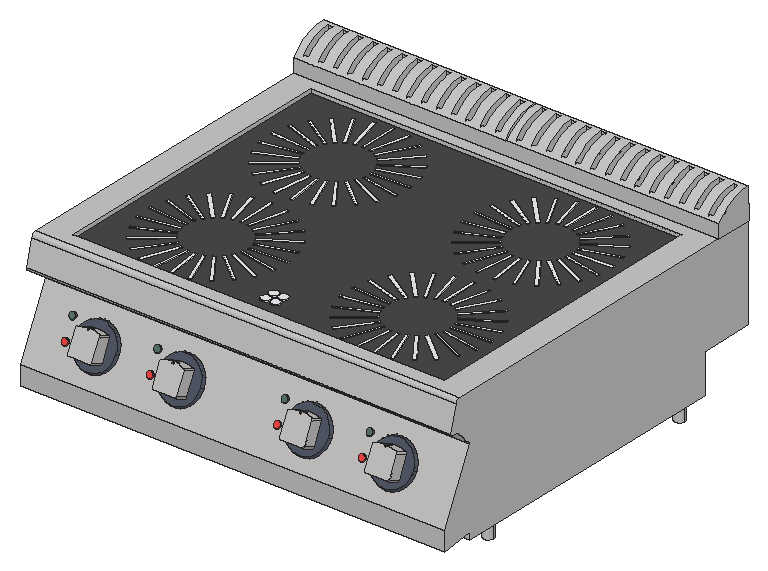
Revit family "QF_ZANUSSI_372021_Z7INEH4000", category Specialty Equipment, Revit 2018
Family settings
  Round Connector Dimension = Use Diameter
  Part Type = Normal
  Work Plane-Based = No
  Always vertical = Yes
  Cut with Voids When Loaded = No
  Shared = No
  Room Calculation Point = No
Parameters
  Width = 800.00 mm  # constant formula
  Weight in Pounds = 88  # constant formula
  Weight = 0.00 kg
  Watts = 14000 W  # constant formula
  Volts = 400 V  # constant formula
  URL Manufacturer = "http://www.zanussiprofessional.com"
  URL Cutsheet = "www.electrolux.com/foodservice"
  URL = "http://www.zanussiprofessional.com"
  Type Mark [instance] = ""
  Steam Supply Size = 0"
  Steam Supply Minimum Pressure = 0.00 psi
  Steam Supply Maximum Pressure = 0.00 psi
  Steam Pounds per Hour = 0
  Status [instance] = ""
  Specification by User [instance] = ""
  Specification by Manufacturer = ""
  Show Logo [instance] = yes
  Show Clearance [instance] = yes
  Serial Number = ""
  Seismic Rating = ""
  SMACNA No = ""
  Revision Code [instance] = ""
  Refrigeration Suction Line Size = 0"
  Refrigeration Liquid Line Size = 0"
  Refrigerant Compressor Remote = yes
  Phase = 3  # constant formula
  Omniclass Number and Title = ""
  Number of Poles [instance] = 1
  NAFEM Spec ID Number = ""
  Model = "Z7INEH4000"
  Min Ckt Ampacity = 0 A
  Max Overcurrent Protection = 0 A
  Masterspec = ""
  Manufacturer = "Zanussi"
  Length Actual = 800.00 mm  # constant formula
  Item Number [instance] = "372021"
  Installed By [instance] = ""
  Identify Quantity as Lot [instance] = yes
  Hot Water Size = 0"
  Height Actual = 250.00 mm  # constant formula
  Height = 332.00 mm  # constant formula
  HP = "18.8 HP"
  Gas Size = 0"
  Gas KW = 0
  Gas Input = 0.0 Btu/h
  Furnished By [instance] = ""
  Foodservice Equipment Identifier [instance] = yes
  FL Amps = if(Phase = 3, Watts / (Volts * 1.73), Watts / Volts)  # 20.2312 A
  Electrical Remarks [instance] = "400 V/3N ph/50/60 Hz"  # constant formula
  Electric Connection Type [instance] = ""
  Elec Conn RI Height [instance] = 0.00 mm
  Elec Conn Connection Height [instance] = 0.00 mm
  Direct Waste Size = 0"
  Description = "ELECTRIC INDUCTION COOKING TOP 800 MM"
  Depth Actual = 700.00 mm  # constant formula
  Depth = 715.00 mm  # constant formula
  Cycle = if([60 Hertz Option], 60 Hz, 50 Hz)  # 60 Hz
  Conn Plug = ""
  Conn Conduit = yes
  Condensate Return Size = 0"
  Compressed Air Volume = 0 GPM
  Compressed Air Size = 0"
  Compressed Air Pressure = 0.00 psi
  Cold Water Size = 0"
  CSI MasterFormat = ""
  CSI Master Format = ""
  Base Height [instance] = 24.00 mm  # constant formula
  Apparent Power = if(Phase = 3, Volts * FL Amps * 1.73, Volts * FL Amps)  # 14000 VA
  Accessory = yes
  60 Hertz Option = not([50 Hertz Option])  # yes
  50 Hertz Option = no
Reference planes
  plane 1 "BACK": y = 0
  plane 2: z = 0
  plane 3 "LEFT": x = 0
  plane 4 "RIGHT": x = 800
  plane 5 "FRONT": y = -715
  plane 6 "TOP": z = 332
  plane 7 "Center Y": x = 400
  plane 8 "Center X": y = -357.5
  plane 9 "BASE": z = 24
  plane 10 "TOP A": z = 274
  plane 11: y = -597.884
  plane 12: y = -147.637
  plane 13: y = -700
  plane 14 "panel": through (-6096, -654.982, 184.602) normal (0, -0.8956, 0.4448)
Forms (mm)
  Extrusion 1, solid, material "QF_Finishes_Stainless Steel"
    sketch origin (0, 0, 0) x (0, 1, 0) y (0, 0, 1)
      loop
        line (0, 98) -> (0, 274) -> (-679.358, 274)
        arc (-679.358, 274) -> (-684.643, 271.811) -> (-686.833, 266.526) r 7.474
        line (-686.833, 266.526) -> (-699.884, 221.011)
        arc (-699.884, 221.011) -> (-699.396, 218.379) -> (-697, 217.184) r 3
        line (-697, 217.184) -> (-686.802, 217.184) -> (-654.982, 185.364) -> (-715, 64.508) -> (-715, 29.508) -> (-658.645, 37.428)
        arc (-658.645, 37.428) -> (-656.101, 36.674) -> (-655, 34.259) r 3.2
        line (-655, 34.259) -> (-655, 24) -> (-103, 24) -> (-103, 98) -> (0, 98)
    from 0 to 800
  Extrusion 2, void
    sketch origin (0, 0, 274) x (-1, 0, 0) y (0, -1, 0)
      loop
        line (-50, 93.262) -> (-50, 653.262) -> (-750, 653.262) -> (-750, 93.262) -> (-50, 93.262)
    from 0 to -6.35
  Extrusion 3, solid, material "QF_Finishes_Stainless Steel"
    sketch origin (0, 0, 0) x (1, 0, 0) y (0, 1, 0)
      loop
        circle (11.112, -147.638) r 9.525
      loop
        circle (11.112, -597.884) r 9.525
      loop
        circle (788.887, -147.638) r 9.525
      loop
        circle (788.887, -597.884) r 9.525
    from 0 to 24
  Extrusion 4, solid, material "QF_Finishes_Stainless Steel"
    sketch origin (20.5, -101.6, 101.788) x (0, 0, -1) y (-1, 0, 0)
      loop
        circle (43.882, -736.5) r 12.7
    from -1.4 to 12.7
  Extrusion 5, solid, material "QF_Finishes_Clearance", visible <- "Show Clearance", detail levels coarse
    sketch origin (0, 0, 0) x (1, 0, 0) y (0, 1, 0)
      loop
        line (0, -715) -> (0, 0) -> (800, 0) -> (800, -715) -> (950.019, -715) -> (950.019, 150.019) -> (-150.019, 150.019) -> (-150.019, -715) -> (0, -715)
    from 0 to 332
  Extrusion 6, solid, material "QF_Finishes_Stainless Steel"
    sketch origin (0, 0, -1.4) x (0, 1, 0) y (0, 0, 1)
      loop
        line (0, 275.4) -> (0, 334.138)
        arc (0, 334.138) -> (-38.879, 325.754) -> (-69.85, 300.8) r 86.156
        line (-69.85, 300.8) -> (-69.85, 275.4) -> (0, 275.4)
    from 0 to 800.1
  Extrusion 7, void
    sketch origin (0, 0, 273.238) x (-1, 0, 0) y (0, -1, 0)
      loop
        line (-13.453, 6.761) -> (-13.453, 63.911) -> (-22.749, 63.911) -> (-22.749, 6.761) -> (-13.453, 6.761)
    from 25.4 to 63.5
  Extrusion 8, void
    sketch origin (361.95, 0, 273.238) x (-1, 0, 0) y (0, -1, 0)
      loop
        line (-13.453, 6.761) -> (-13.453, 63.911) -> (-22.749, 63.911) -> (-22.749, 6.761) -> (-13.453, 6.761)
    from 25.4 to 63.5
  Extrusion 9, void
    sketch origin (27.842, 0, 273.238) x (-1, 0, 0) y (0, -1, 0)
      loop
        line (-13.453, 6.761) -> (-13.453, 63.911) -> (-22.749, 63.911) -> (-22.749, 6.761) -> (-13.453, 6.761)
    from 25.4 to 63.5
  Extrusion 10, void
    sketch origin (55.685, 0, 273.238) x (-1, 0, 0) y (0, -1, 0)
      loop
        line (-13.453, 6.761) -> (-13.453, 63.911) -> (-22.749, 63.911) -> (-22.749, 6.761) -> (-13.453, 6.761)
    from 25.4 to 63.5
  Extrusion 11, void
    sketch origin (83.527, 0, 273.238) x (-1, 0, 0) y (0, -1, 0)
      loop
        line (-13.453, 6.761) -> (-13.453, 63.911) -> (-22.749, 63.911) -> (-22.749, 6.761) -> (-13.453, 6.761)
    from 25.4 to 63.5
  Extrusion 12, void
    sketch origin (111.369, 0, 273.238) x (-1, 0, 0) y (0, -1, 0)
      loop
        line (-13.453, 6.761) -> (-13.453, 63.911) -> (-22.749, 63.911) -> (-22.749, 6.761) -> (-13.453, 6.761)
    from 25.4 to 63.5
  Extrusion 13, void
    sketch origin (139.212, 0, 273.238) x (-1, 0, 0) y (0, -1, 0)
      loop
        line (-13.453, 6.761) -> (-13.453, 63.911) -> (-22.749, 63.911) -> (-22.749, 6.761) -> (-13.453, 6.761)
    from 25.4 to 63.5
  Extrusion 14, void
    sketch origin (167.054, 0, 273.238) x (-1, 0, 0) y (0, -1, 0)
      loop
        line (-13.453, 6.761) -> (-13.453, 63.911) -> (-22.749, 63.911) -> (-22.749, 6.761) -> (-13.453, 6.761)
    from 25.4 to 63.5
  Extrusion 15, void
    sketch origin (194.896, 0, 273.238) x (-1, 0, 0) y (0, -1, 0)
      loop
        line (-13.453, 6.761) -> (-13.453, 63.911) -> (-22.749, 63.911) -> (-22.749, 6.761) -> (-13.453, 6.761)
    from 25.4 to 63.5
  Extrusion 16, void
    sketch origin (222.738, 0, 273.238) x (-1, 0, 0) y (0, -1, 0)
      loop
        line (-13.453, 6.761) -> (-13.453, 63.911) -> (-22.749, 63.911) -> (-22.749, 6.761) -> (-13.453, 6.761)
    from 25.4 to 63.5
  Extrusion 17, void
    sketch origin (250.581, 0, 273.238) x (-1, 0, 0) y (0, -1, 0)
      loop
        line (-13.453, 6.761) -> (-13.453, 63.911) -> (-22.749, 63.911) -> (-22.749, 6.761) -> (-13.453, 6.761)
    from 25.4 to 63.5
  Extrusion 18, void
    sketch origin (278.423, 0, 273.238) x (-1, 0, 0) y (0, -1, 0)
      loop
        line (-13.453, 6.761) -> (-13.453, 63.911) -> (-22.749, 63.911) -> (-22.749, 6.761) -> (-13.453, 6.761)
    from 25.4 to 63.5
  Extrusion 19, void
    sketch origin (306.265, 0, 273.238) x (-1, 0, 0) y (0, -1, 0)
      loop
        line (-13.453, 6.761) -> (-13.453, 63.911) -> (-22.749, 63.911) -> (-22.749, 6.761) -> (-13.453, 6.761)
    from 25.4 to 63.5
  Extrusion 20, void
    sketch origin (334.108, 0, 273.238) x (-1, 0, 0) y (0, -1, 0)
      loop
        line (-13.453, 6.761) -> (-13.453, 63.911) -> (-22.749, 63.911) -> (-22.749, 6.761) -> (-13.453, 6.761)
    from 25.4 to 63.5
  Extrusion 21, void
    sketch origin (800.1, 0, 273.238) x (1, 0, 0) y (0, 1, 0)
      loop
        line (-13.453, -6.761) -> (-22.749, -6.761) -> (-22.749, -63.911) -> (-13.453, -63.911) -> (-13.453, -6.761)
    from 25.4 to 63.5
  Extrusion 22, void
    sketch origin (438.15, 0, 273.238) x (1, 0, 0) y (0, 1, 0)
      loop
        line (-13.453, -6.761) -> (-22.749, -6.761) -> (-22.749, -63.911) -> (-13.453, -63.911) -> (-13.453, -6.761)
    from 25.4 to 63.5
  Extrusion 23, void
    sketch origin (772.258, 0, 273.238) x (1, 0, 0) y (0, 1, 0)
      loop
        line (-13.453, -6.761) -> (-22.749, -6.761) -> (-22.749, -63.911) -> (-13.453, -63.911) -> (-13.453, -6.761)
    from 25.4 to 63.5
  Extrusion 24, void
    sketch origin (744.415, 0, 273.238) x (1, 0, 0) y (0, 1, 0)
      loop
        line (-13.453, -6.761) -> (-22.749, -6.761) -> (-22.749, -63.911) -> (-13.453, -63.911) -> (-13.453, -6.761)
    from 25.4 to 63.5
  Extrusion 25, void
    sketch origin (716.573, 0, 273.238) x (1, 0, 0) y (0, 1, 0)
      loop
        line (-13.453, -6.761) -> (-22.749, -6.761) -> (-22.749, -63.911) -> (-13.453, -63.911) -> (-13.453, -6.761)
    from 25.4 to 63.5
  Extrusion 26, void
    sketch origin (688.731, 0, 273.238) x (1, 0, 0) y (0, 1, 0)
      loop
        line (-13.453, -6.761) -> (-22.749, -6.761) -> (-22.749, -63.911) -> (-13.453, -63.911) -> (-13.453, -6.761)
    from 25.4 to 63.5
  Extrusion 27, void
    sketch origin (660.888, 0, 273.238) x (1, 0, 0) y (0, 1, 0)
      loop
        line (-13.453, -6.761) -> (-22.749, -6.761) -> (-22.749, -63.911) -> (-13.453, -63.911) -> (-13.453, -6.761)
    from 25.4 to 63.5
  Extrusion 28, void
    sketch origin (633.046, 0, 273.238) x (1, 0, 0) y (0, 1, 0)
      loop
        line (-13.453, -6.761) -> (-22.749, -6.761) -> (-22.749, -63.911) -> (-13.453, -63.911) -> (-13.453, -6.761)
    from 25.4 to 63.5
  Extrusion 29, void
    sketch origin (605.204, 0, 273.238) x (1, 0, 0) y (0, 1, 0)
      loop
        line (-13.453, -6.761) -> (-22.749, -6.761) -> (-22.749, -63.911) -> (-13.453, -63.911) -> (-13.453, -6.761)
    from 25.4 to 63.5
  Extrusion 30, void
    sketch origin (577.362, 0, 273.238) x (1, 0, 0) y (0, 1, 0)
      loop
        line (-13.453, -6.761) -> (-22.749, -6.761) -> (-22.749, -63.911) -> (-13.453, -63.911) -> (-13.453, -6.761)
    from 25.4 to 63.5
  Extrusion 31, void
    sketch origin (549.519, 0, 273.238) x (1, 0, 0) y (0, 1, 0)
      loop
        line (-13.453, -6.761) -> (-22.749, -6.761) -> (-22.749, -63.911) -> (-13.453, -63.911) -> (-13.453, -6.761)
    from 25.4 to 63.5
  Extrusion 32, void
    sketch origin (521.677, 0, 273.238) x (1, 0, 0) y (0, 1, 0)
      loop
        line (-13.453, -6.761) -> (-22.749, -6.761) -> (-22.749, -63.911) -> (-13.453, -63.911) -> (-13.453, -6.761)
    from 25.4 to 63.5
  Extrusion 33, void
    sketch origin (493.835, 0, 273.238) x (1, 0, 0) y (0, 1, 0)
      loop
        line (-13.453, -6.761) -> (-22.749, -6.761) -> (-22.749, -63.911) -> (-13.453, -63.911) -> (-13.453, -6.761)
    from 25.4 to 63.5
  Extrusion 34, void
    sketch origin (465.992, 0, 273.238) x (1, 0, 0) y (0, 1, 0)
      loop
        line (-13.453, -6.761) -> (-22.749, -6.761) -> (-22.749, -63.911) -> (-13.453, -63.911) -> (-13.453, -6.761)
    from 25.4 to 63.5
  Extrusion 35, void
    sketch origin (418.151, 0, 273.238) x (1, 0, 0) y (0, 1, 0)
      loop
        line (-16.513, 0) -> (-19.688, 0) -> (-19.688, -69.85) -> (-16.513, -69.85) -> (-16.513, 0)
    from 25.4 to 63.5
  Blend 36, solid, material "QF_Finishes_Navy Blue"
    base sketch origin (120, -684.991, 124.174) x (1, 0, 0) y (0, 0.444781, 0.895639)
      loop
        circle (0, 0) r 42.5
    top sketch origin (120, -684.991, 124.174) x (1, 0, 0) y (0, 0.444781, 0.895639)
      loop
        circle (0, 0) r 40.5
    from 0 to 5
  Extrusion 37, solid, material "QF_Finishes_Stainless Steel"
    sketch origin (120, -684.991, 124.174) x (1, 0, 0) y (0, 0.444781, 0.895639)
      loop
        arc (-21.147, 22.789) -> (-22.494, 21.685) -> (-23, 20.019) r 2.997
        line (-23, 20.019) -> (-23, -20.019)
        arc (-23, -20.019) -> (-22.122, -22.138) -> (-20.003, -23.016) r 2.997
        line (-20.003, -23.016) -> (20.003, -23.016)
        arc (20.003, -23.016) -> (22.122, -22.138) -> (23, -20.019) r 2.997
        line (23, -20.019) -> (23, 20.019)
        arc (23, 20.019) -> (22.494, 21.685) -> (21.147, 22.789) r 2.997
        arc (21.147, 22.789) -> (0, 26.984) -> (-21.147, 22.789) r 55.4
    from 10 to 34
  Extrusion 38, solid, material "QF_Plastic-Black-Matte"
    sketch origin (200, -684.991, 124.174) x (0, 0.444781, 0.895639) y (0, -0.895639, 0.444781)
      loop
        line (26.984, 34) -> (26.984, 19) -> (27.984, 19) -> (27.984, 34)
        arc (27.984, 34) -> (27.691, 34.707) -> (26.984, 35) r 1
        line (26.984, 35) -> (23.984, 35) -> (23.984, 34) -> (26.984, 34)
    from -81 to -79
  Extrusion 39, solid, material "QF_Finishes_Red"
    sketch origin (120, -689.439, 115.217) x (1, 0, 0) y (0, 0.444781, 0.895639)
      loop
        circle (-55.001, 0) r 6
    from 0 to 1.6
  Extrusion 40, solid, material "QF_Finishes_Stainless Steel"
    sketch origin (120, -684.991, 124.174) x (1, 0, 0) y (0, 0.444781, 0.895639)
      loop
        line (17.5, 17.5) -> (-17.5, 17.5) -> (-17.5, -17.5) -> (17.5, -17.5) -> (17.5, 17.5)
    from 5 to 10
  Blend 41, solid, material "QF_Finishes_Navy Blue"
    base sketch origin (280, -684.991, 124.174) x (1, 0, 0) y (0, 0.444781, 0.895639)
      loop
        circle (0, 0) r 42.5
    top sketch origin (280, -684.991, 124.174) x (1, 0, 0) y (0, 0.444781, 0.895639)
      loop
        circle (0, 0) r 40.5
    from 0 to 5
  Extrusion 42, solid, material "QF_Finishes_Stainless Steel"
    sketch origin (280, -684.991, 124.174) x (1, 0, 0) y (0, 0.444781, 0.895639)
      loop
        arc (-21.147, 22.789) -> (-22.494, 21.685) -> (-23, 20.019) r 2.997
        line (-23, 20.019) -> (-23, -20.019)
        arc (-23, -20.019) -> (-22.122, -22.138) -> (-20.003, -23.016) r 2.997
        line (-20.003, -23.016) -> (20.003, -23.016)
        arc (20.003, -23.016) -> (22.122, -22.138) -> (23, -20.019) r 2.997
        line (23, -20.019) -> (23, 20.019)
        arc (23, 20.019) -> (22.494, 21.685) -> (21.147, 22.789) r 2.997
        arc (21.147, 22.789) -> (0, 26.984) -> (-21.147, 22.789) r 55.4
    from 10 to 34
  Extrusion 43, solid, material "QF_Finishes_Stainless Steel"
    sketch origin (280, -684.991, 124.174) x (1, 0, 0) y (0, 0.444781, 0.895639)
      loop
        line (17.5, 17.5) -> (-17.5, 17.5) -> (-17.5, -17.5) -> (17.5, -17.5) -> (17.5, 17.5)
    from 5 to 10
  Extrusion 44, solid, material "QF_Plastic-Black-Matte"
    sketch origin (200, -684.991, 124.174) x (0, 0.444781, 0.895639) y (0, 0.895639, -0.444781)
      loop
        line (26.984, -34) -> (23.984, -34) -> (23.984, -35) -> (26.984, -35)
        arc (26.984, -35) -> (27.691, -34.707) -> (27.984, -34) r 1
        line (27.984, -34) -> (27.984, -19) -> (26.984, -19) -> (26.984, -34)
    from -81 to -79
  Extrusion 45, solid, material "QF_Finishes_DarkGreen"
    sketch origin (120, -671.648, 151.043) x (1, 0, 0) y (0, 0.444781, 0.895639)
      loop
        circle (-55.001, 0) r 6
    from 0 to 1.6
  Extrusion 46, solid, material "QF_Finishes_Red"
    sketch origin (280, -689.439, 115.217) x (1, 0, 0) y (0, 0.444781, 0.895639)
      loop
        circle (-55.001, 0) r 6
    from 0 to 1.6
  Extrusion 47, solid, material "QF_Finishes_DarkGreen"
    sketch origin (280, -671.648, 151.043) x (1, 0, 0) y (0, 0.444781, 0.895639)
      loop
        circle (-55.001, 0) r 6
    from 0 to 1.6
  Blend 48, solid, material "QF_Finishes_Navy Blue"
    base sketch origin (520, -684.991, 124.174) x (1, 0, 0) y (0, 0.444781, 0.895639)
      loop
        circle (0, 0) r 42.5
    top sketch origin (520, -684.991, 124.174) x (1, 0, 0) y (0, 0.444781, 0.895639)
      loop
        circle (0, 0) r 40.5
    from 0 to 5
  Extrusion 49, solid, material "QF_Finishes_Stainless Steel"
    sketch origin (520, -684.991, 124.174) x (1, 0, 0) y (0, 0.444781, 0.895639)
      loop
        arc (-21.147, 22.789) -> (-22.494, 21.685) -> (-23, 20.019) r 2.997
        line (-23, 20.019) -> (-23, -20.019)
        arc (-23, -20.019) -> (-22.122, -22.138) -> (-20.003, -23.016) r 2.997
        line (-20.003, -23.016) -> (20.003, -23.016)
        arc (20.003, -23.016) -> (22.122, -22.138) -> (23, -20.019) r 2.997
        line (23, -20.019) -> (23, 20.019)
        arc (23, 20.019) -> (22.494, 21.685) -> (21.147, 22.789) r 2.997
        arc (21.147, 22.789) -> (0, 26.984) -> (-21.147, 22.789) r 55.4
    from 10 to 34
  Extrusion 50, solid, material "QF_Plastic-Black-Matte"
    sketch origin (600, -684.991, 124.174) x (0, 0.444781, 0.895639) y (0, -0.895639, 0.444781)
      loop
        line (26.984, 34) -> (26.984, 19) -> (27.984, 19) -> (27.984, 34)
        arc (27.984, 34) -> (27.691, 34.707) -> (26.984, 35) r 1
        line (26.984, 35) -> (23.984, 35) -> (23.984, 34) -> (26.984, 34)
    from -81 to -79
  Extrusion 51, solid, material "QF_Finishes_Red"
    sketch origin (520, -689.439, 115.217) x (1, 0, 0) y (0, 0.444781, 0.895639)
      loop
        circle (-55.001, 0) r 6
    from 0 to 1.6
  Extrusion 52, solid, material "QF_Finishes_Stainless Steel"
    sketch origin (520, -684.991, 124.174) x (1, 0, 0) y (0, 0.444781, 0.895639)
      loop
        line (17.5, 17.5) -> (-17.5, 17.5) -> (-17.5, -17.5) -> (17.5, -17.5) -> (17.5, 17.5)
    from 5 to 10
  Blend 53, solid, material "QF_Finishes_Navy Blue"
    base sketch origin (680, -684.991, 124.174) x (1, 0, 0) y (0, 0.444781, 0.895639)
      loop
        circle (0, 0) r 42.5
    top sketch origin (680, -684.991, 124.174) x (1, 0, 0) y (0, 0.444781, 0.895639)
      loop
        circle (0, 0) r 40.5
    from 0 to 5
  Extrusion 54, solid, material "QF_Finishes_Stainless Steel"
    sketch origin (680, -684.991, 124.174) x (1, 0, 0) y (0, 0.444781, 0.895639)
      loop
        arc (-21.147, 22.789) -> (-22.494, 21.685) -> (-23, 20.019) r 2.997
        line (-23, 20.019) -> (-23, -20.019)
        arc (-23, -20.019) -> (-22.122, -22.138) -> (-20.003, -23.016) r 2.997
        line (-20.003, -23.016) -> (20.003, -23.016)
        arc (20.003, -23.016) -> (22.122, -22.138) -> (23, -20.019) r 2.997
        line (23, -20.019) -> (23, 20.019)
        arc (23, 20.019) -> (22.494, 21.685) -> (21.147, 22.789) r 2.997
        arc (21.147, 22.789) -> (0, 26.984) -> (-21.147, 22.789) r 55.4
    from 10 to 34
  Extrusion 55, solid, material "QF_Finishes_Stainless Steel"
    sketch origin (680, -684.991, 124.174) x (1, 0, 0) y (0, 0.444781, 0.895639)
      loop
        line (17.5, 17.5) -> (-17.5, 17.5) -> (-17.5, -17.5) -> (17.5, -17.5) -> (17.5, 17.5)
    from 5 to 10
  Extrusion 56, solid, material "QF_Plastic-Black-Matte"
    sketch origin (600, -684.991, 124.174) x (0, 0.444781, 0.895639) y (0, 0.895639, -0.444781)
      loop
        line (26.984, -34) -> (23.984, -34) -> (23.984, -35) -> (26.984, -35)
        arc (26.984, -35) -> (27.691, -34.707) -> (27.984, -34) r 1
        line (27.984, -34) -> (27.984, -19) -> (26.984, -19) -> (26.984, -34)
    from -81 to -79
  Extrusion 57, solid, material "QF_Finishes_DarkGreen"
    sketch origin (520, -671.648, 151.043) x (1, 0, 0) y (0, 0.444781, 0.895639)
      loop
        circle (-55.001, 0) r 6
    from 0 to 1.6
  Extrusion 58, solid, material "QF_Finishes_Red"
    sketch origin (680, -689.439, 115.217) x (1, 0, 0) y (0, 0.444781, 0.895639)
      loop
        circle (-55.001, 0) r 6
    from 0 to 1.6
  Extrusion 59, solid, material "QF_Finishes_DarkGreen"
    sketch origin (680, -671.648, 151.043) x (1, 0, 0) y (0, 0.444781, 0.895639)
      loop
        circle (-55.001, 0) r 6
    from 0 to 1.6
  Extrusion 60, solid, material "QF_Finishes_White"
    sketch origin (0.5, 1, 274) x (-1, 0, 0) y (0, -1, 0)
      loop
        circle (-408.5, 607.884) r 9
    from 0 to 0.8
  Extrusion 61, solid, material "QF_Finishes_White"
    sketch origin (799.5, 1, 274) x (1, 0, 0) y (0, 1, 0)
      loop
        circle (-408.5, -607.884) r 9
    from 0 to 0.8
  Extrusion 62, solid, material "QF_Finishes_White"
    sketch origin (0.5, -1232.769, 274) x (-1, 0, 0) y (0, -1, 0)
      loop
        circle (-408.5, -607.884) r 9
    from 0 to 0.8
  Extrusion 63, solid, material "QF_Finishes_White"
    sketch origin (799.5, -1232.769, 274) x (1, 0, 0) y (0, 1, 0)
      loop
        circle (-408.5, 607.884) r 9
    from 0 to 0.8
Cuts and joins
  Extrusion 2, Extrusion 7, Extrusion 8, Extrusion 9, Extrusion 10, Extrusion 11, Extrusion 12, Extrusion 13, Extrusion 14, Extrusion 15, Extrusion 16, Extrusion 17, Extrusion 18, Extrusion 19, Extrusion 20, Extrusion 21, Extrusion 22, Extrusion 23, Extrusion 24, Extrusion 25, Extrusion 26, Extrusion 27, Extrusion 28, Extrusion 29, Extrusion 30, Extrusion 31, Extrusion 32, Extrusion 33, Extrusion 34, Extrusion 35 cuts Extrusion 1
  Extrusion 7 cuts Extrusion 5
  Extrusion 7, Extrusion 8, Extrusion 9, Extrusion 10, Extrusion 11, Extrusion 12, Extrusion 13, Extrusion 14, Extrusion 15, Extrusion 16, Extrusion 17, Extrusion 18, Extrusion 19, Extrusion 20, Extrusion 21, Extrusion 22, Extrusion 23, Extrusion 24, Extrusion 25, Extrusion 26, Extrusion 27, Extrusion 28, Extrusion 29, Extrusion 30, Extrusion 31, Extrusion 32, Extrusion 33, Extrusion 34, Extrusion 35 cuts Extrusion 6
Lines and regions (mm)
  Split face 1
    outline origin (120.901, -689.469, 126.397) x (1, 0, 0) y (0, 0.444781, 0.895639)
      loop
        line (-8.901, 38.561) -> (-8.901, 28.561) -> (-2.901, 28.561) -> (-2.901, 38.561) -> (-8.901, 38.561)
  Split face 2
    outline origin (120.901, -689.469, 126.397) x (1, 0, 0) y (0, 0.444781, 0.895639)
      loop
        line (-8.401, 38.061) -> (-8.401, 29.061) -> (-3.401, 29.061) -> (-3.401, 38.061) -> (-8.401, 38.061)
  Split face 3
    outline origin (120.901, -689.469, 126.397) x (1, 0, 0) y (0, 0.444781, 0.895639)
      loop
        line (-8.401, 34.061) -> (-3.401, 34.061)
  Split face 4
    outline origin (120.901, -689.469, 126.397) x (1, 0, 0) y (0, 0.444781, 0.895639)
      loop
        line (-8.401, 33.561) -> (-3.401, 33.561)
  Split face 5
    outline origin (120.901, -689.469, 126.397) x (1, 0, 0) y (0, 0.444781, 0.895639)
      loop
        circle (-5.901, 31.311) r 2.029
  Split face 6
    outline origin (121.664, -684.796, 135.808) x (1, 0, 0) y (0, 0.444781, 0.895639)
      loop
        circle (-34, 0) r 1.5
  Split face 7
    outline origin (118.297, -687.581, 130.2) x (1, 0, 0) y (0, 0.444781, 0.895639)
      loop
        circle (-30.633, -14.752) r 1.5
  Split face 8
    outline origin (121.214, -689.88, 125.57) x (1, 0, 0) y (0, 0.444781, 0.895639)
      loop
        circle (-21.199, -26.582) r 1.5
  Split face 9
    outline origin (127.566, -689.848, 125.634) x (1, 0, 0) y (0, 0.444781, 0.895639)
      loop
        circle (-7.566, -33.148) r 1.5
  Split face 10
    outline origin (132.419, -686.96, 131.45) x (1, 0, 0) y (0, 0.444781, 0.895639)
      loop
        circle (7.566, -33.148) r 1.5
  Split face 11
    outline origin (131.137, -682.319, 140.796) x (1, 0, 0) y (0, 0.444781, 0.895639)
      loop
        circle (21.199, -26.582) r 1.5
  Split face 12
    outline origin (121.5, -678.264, 148.961) x (1, 0, 0) y (0, 0.444781, 0.895639)
      loop
        circle (30.633, -14.752) r 1.5
  Split face 13
    outline origin (105.985, -677.235, 151.033) x (1, 0, 0) y (0, 0.444781, 0.895639)
      loop
        circle (34, 0) r 1.5
  Split face 14
    outline origin (121.214, -689.058, 127.225) x (1, 0, 0) y (0, 0.444781, 0.895639)
      loop
        circle (-21.199, 26.582) r 1.5
  Split face 15
    outline origin (281.664, -684.796, 135.808) x (1, 0, 0) y (0, 0.444781, 0.895639)
      loop
        circle (-34, 0) r 1.5
  Split face 16
    outline origin (278.297, -687.581, 130.2) x (1, 0, 0) y (0, 0.444781, 0.895639)
      loop
        circle (-30.633, -14.752) r 1.5
  Split face 17
    outline origin (281.214, -689.88, 125.57) x (1, 0, 0) y (0, 0.444781, 0.895639)
      loop
        circle (-21.199, -26.582) r 1.5
  Split face 18
    outline origin (287.566, -689.848, 125.634) x (1, 0, 0) y (0, 0.444781, 0.895639)
      loop
        circle (-7.566, -33.148) r 1.5
  Split face 19
    outline origin (292.419, -686.96, 131.45) x (1, 0, 0) y (0, 0.444781, 0.895639)
      loop
        circle (7.566, -33.148) r 1.5
  Split face 20
    outline origin (291.137, -682.319, 140.796) x (1, 0, 0) y (0, 0.444781, 0.895639)
      loop
        circle (21.199, -26.582) r 1.5
  Split face 21
    outline origin (281.703, -678.235, 149.02) x (1, 0, 0) y (0, 0.444781, 0.895639)
      loop
        circle (30.633, -14.752) r 1.5
  Split face 22
    outline origin (265.985, -677.235, 151.033) x (1, 0, 0) y (0, 0.444781, 0.895639)
      loop
        circle (34, 0) r 1.5
  Split face 23
    outline origin (281.214, -689.058, 127.225) x (1, 0, 0) y (0, 0.444781, 0.895639)
      loop
        circle (-21.199, 26.582) r 1.5
  Split face 24
    outline origin (274, -689.469, 126.397) x (1, 0, 0) y (0, 0.444781, 0.895639)
      loop
        line (-3, 38.561) -> (-3, 28.561) -> (3, 28.561) -> (3, 38.561) -> (-3, 38.561)
  Split face 25
    outline origin (274, -689.469, 126.397) x (1, 0, 0) y (0, 0.444781, 0.895639)
      loop
        line (-2.5, 38.061) -> (-2.5, 29.061) -> (2.5, 29.061) -> (2.5, 38.061) -> (-2.5, 38.061)
  Split face 26
    outline origin (274, -689.469, 126.397) x (1, 0, 0) y (0, 0.444781, 0.895639)
      loop
        line (-2.5, 33.561) -> (2.5, 33.561)
  Split face 27
    outline origin (274, -689.469, 126.397) x (1, 0, 0) y (0, 0.444781, 0.895639)
      loop
        line (-2.5, 33.061) -> (2.5, 33.061)
  Split face 28
    outline origin (274, -689.469, 126.397) x (1, 0, 0) y (0, 0.444781, 0.895639)
      loop
        circle (0, 35.811) r 2.031
  Split face 29
    outline origin (120, -689.469, 126.397) x (1, 0, 0) y (0, 0.444781, 0.895639)
      loop
        circle (0, 33.561) r 1.5
  Split face 30
    outline origin (280, -689.469, 126.397) x (1, 0, 0) y (0, 0.444781, 0.895639)
      loop
        circle (0, 34) r 1.5
  Split face 31
    outline origin (520.901, -689.469, 126.397) x (1, 0, 0) y (0, 0.444781, 0.895639)
      loop
        line (-8.901, 38.561) -> (-8.901, 28.561) -> (-2.901, 28.561) -> (-2.901, 38.561) -> (-8.901, 38.561)
  Split face 32
    outline origin (520.901, -689.469, 126.397) x (1, 0, 0) y (0, 0.444781, 0.895639)
      loop
        line (-8.401, 38.061) -> (-8.401, 29.061) -> (-3.401, 29.061) -> (-3.401, 38.061) -> (-8.401, 38.061)
  Split face 33
    outline origin (520.901, -689.469, 126.397) x (1, 0, 0) y (0, 0.444781, 0.895639)
      loop
        line (-8.401, 34.061) -> (-3.401, 34.061)
  Split face 34
    outline origin (520.901, -689.469, 126.397) x (1, 0, 0) y (0, 0.444781, 0.895639)
      loop
        line (-8.401, 33.561) -> (-3.401, 33.561)
  Split face 35
    outline origin (520.901, -689.469, 126.397) x (1, 0, 0) y (0, 0.444781, 0.895639)
      loop
        circle (-5.901, 31.311) r 2.029
  Split face 36
    outline origin (521.664, -684.796, 135.808) x (1, 0, 0) y (0, 0.444781, 0.895639)
      loop
        circle (-34, 0) r 1.5
  Split face 37
    outline origin (518.297, -687.581, 130.2) x (1, 0, 0) y (0, 0.444781, 0.895639)
      loop
        circle (-30.633, -14.752) r 1.5
  Split face 38
    outline origin (521.214, -689.88, 125.57) x (1, 0, 0) y (0, 0.444781, 0.895639)
      loop
        circle (-21.199, -26.582) r 1.5
  Split face 39
    outline origin (527.566, -689.848, 125.634) x (1, 0, 0) y (0, 0.444781, 0.895639)
      loop
        circle (-7.566, -33.148) r 1.5
  Split face 40
    outline origin (532.419, -686.96, 131.45) x (1, 0, 0) y (0, 0.444781, 0.895639)
      loop
        circle (7.566, -33.148) r 1.5
  Split face 41
    outline origin (531.137, -682.319, 140.796) x (1, 0, 0) y (0, 0.444781, 0.895639)
      loop
        circle (21.199, -26.582) r 1.5
  Split face 42
    outline origin (521.5, -678.264, 148.961) x (1, 0, 0) y (0, 0.444781, 0.895639)
      loop
        circle (30.633, -14.752) r 1.5
  Split face 43
    outline origin (505.985, -677.235, 151.033) x (1, 0, 0) y (0, 0.444781, 0.895639)
      loop
        circle (34, 0) r 1.5
  Split face 44
    outline origin (521.214, -689.058, 127.225) x (1, 0, 0) y (0, 0.444781, 0.895639)
      loop
        circle (-21.199, 26.582) r 1.5
  Split face 45
    outline origin (681.664, -684.796, 135.808) x (1, 0, 0) y (0, 0.444781, 0.895639)
      loop
        circle (-34, 0) r 1.5
  Split face 46
    outline origin (678.297, -687.581, 130.2) x (1, 0, 0) y (0, 0.444781, 0.895639)
      loop
        circle (-30.633, -14.752) r 1.5
  Split face 47
    outline origin (681.214, -689.88, 125.57) x (1, 0, 0) y (0, 0.444781, 0.895639)
      loop
        circle (-21.199, -26.582) r 1.5
  Split face 48
    outline origin (687.566, -689.848, 125.634) x (1, 0, 0) y (0, 0.444781, 0.895639)
      loop
        circle (-7.566, -33.148) r 1.5
  Split face 49
    outline origin (692.419, -686.96, 131.45) x (1, 0, 0) y (0, 0.444781, 0.895639)
      loop
        circle (7.566, -33.148) r 1.5
  Split face 50
    outline origin (691.137, -682.319, 140.796) x (1, 0, 0) y (0, 0.444781, 0.895639)
      loop
        circle (21.199, -26.582) r 1.5
  Split face 51
    outline origin (681.703, -678.235, 149.02) x (1, 0, 0) y (0, 0.444781, 0.895639)
      loop
        circle (30.633, -14.752) r 1.5
  Split face 52
    outline origin (665.985, -677.235, 151.033) x (1, 0, 0) y (0, 0.444781, 0.895639)
      loop
        circle (34, 0) r 1.5
  Split face 53
    outline origin (681.214, -689.058, 127.225) x (1, 0, 0) y (0, 0.444781, 0.895639)
      loop
        circle (-21.199, 26.582) r 1.5
  Split face 54
    outline origin (674, -689.469, 126.397) x (1, 0, 0) y (0, 0.444781, 0.895639)
      loop
        line (-3, 38.561) -> (-3, 28.561) -> (3, 28.561) -> (3, 38.561) -> (-3, 38.561)
  Split face 55
    outline origin (674, -689.469, 126.397) x (1, 0, 0) y (0, 0.444781, 0.895639)
      loop
        line (-2.5, 38.061) -> (-2.5, 29.061) -> (2.5, 29.061) -> (2.5, 38.061) -> (-2.5, 38.061)
  Split face 56
    outline origin (674, -689.469, 126.397) x (1, 0, 0) y (0, 0.444781, 0.895639)
      loop
        line (-2.5, 33.561) -> (2.5, 33.561)
  Split face 57
    outline origin (674, -689.469, 126.397) x (1, 0, 0) y (0, 0.444781, 0.895639)
      loop
        line (-2.5, 33.061) -> (2.5, 33.061)
  Split face 58
    outline origin (674, -689.469, 126.397) x (1, 0, 0) y (0, 0.444781, 0.895639)
      loop
        circle (0, 35.811) r 2.031
  Split face 59
    outline origin (520, -689.469, 126.397) x (1, 0, 0) y (0, 0.444781, 0.895639)
      loop
        circle (0, 33.561) r 1.5
  Split face 60
    outline origin (680, -689.469, 126.397) x (1, 0, 0) y (0, 0.444781, 0.895639)
      loop
        circle (0, 34) r 1.5
  symbolic lines, style "QF-Clearances", visible <- "Show Clearance", detail levels coarse
    curve 1: line (-150.019, 150.019, 274) -> (-150.019, -716.377, 274)
    curve 2: line (950.019, 150.019, 274) -> (-150.019, 150.019, 274)
    curve 3: line (950.019, -716.377, 274) -> (950.019, 150.019, 274)
  symbolic lines
    curve 4: line (0, 0, 274) -> (800, 0, 274)
    curve 5: line (0, -715, 274) -> (0, 0, 274)
    curve 6: line (800, 0, 274) -> (800, -715, 274)
    curve 7: line (231.725, -69.85, 274) -> (0, -69.85, 274)
    curve 8: line (0, -69.85, 274) -> (0, -120.65, 274)
    curve 9: line (0, -69.85, 274) -> (398.546, -69.85, 274)
    curve 10: line (726.512, -356.903, 267.65) -> (738.006, -356.903, 267.65)
    curve 11: line (726.512, -389.159, 267.65) -> (726.512, -356.903, 267.65)
    curve 12: line (738.006, -389.159, 267.65) -> (726.512, -389.159, 267.65)
    curve 13: line (738.006, -356.903, 267.65) -> (738.006, -389.159, 267.65)
    curve 14: line (50, -653.262, 267.65) -> (50, -93.262, 267.65)
    curve 15: line (50, -93.262, 267.65) -> (750, -93.262, 267.65)
    curve 16: line (750, -93.262, 267.65) -> (750, -653.262, 267.65)
    curve 17: line (750, -653.262, 267.65) -> (50, -653.262, 267.65)
    curve 18: line (13.453, -63.911, 267.65) -> (13.453, -6.761, 267.65)
    curve 19: line (13.453, -6.761, 267.65) -> (22.749, -6.761, 267.65)
    curve 20: line (22.749, -6.761, 267.65) -> (22.749, -63.911, 267.65)
    curve 21: line (22.749, -63.911, 267.65) -> (13.453, -63.911, 267.65)
    curve 22: line (375.403, -63.911, 267.65) -> (375.403, -6.761, 267.65)
    curve 23: line (375.403, -6.761, 267.65) -> (384.699, -6.761, 267.65)
    curve 24: line (384.699, -6.761, 267.65) -> (384.699, -63.911, 267.65)
    curve 25: line (384.699, -63.911, 267.65) -> (375.403, -63.911, 267.65)
    curve 26: line (41.295, -63.911, 267.65) -> (41.295, -6.761, 267.65)
    curve 27: line (41.295, -6.761, 267.65) -> (50.591, -6.761, 267.65)
    curve 28: line (50.591, -6.761, 267.65) -> (50.591, -63.911, 267.65)
    curve 29: line (50.591, -63.911, 267.65) -> (41.295, -63.911, 267.65)
    curve 30: line (69.137, -63.911, 267.65) -> (69.137, -6.761, 267.65)
    curve 31: line (69.137, -6.761, 267.65) -> (78.433, -6.761, 267.65)
    curve 32: line (78.433, -6.761, 267.65) -> (78.433, -63.911, 267.65)
    curve 33: line (78.433, -63.911, 267.65) -> (69.137, -63.911, 267.65)
    curve 34: line (96.98, -63.911, 267.65) -> (96.98, -6.761, 267.65)
    curve 35: line (96.98, -6.761, 267.65) -> (106.275, -6.761, 267.65)
    curve 36: line (106.275, -6.761, 267.65) -> (106.275, -63.911, 267.65)
    curve 37: line (106.275, -63.911, 267.65) -> (96.98, -63.911, 267.65)
    curve 38: line (124.822, -63.911, 267.65) -> (124.822, -6.761, 267.65)
    curve 39: line (124.822, -6.761, 267.65) -> (134.118, -6.761, 267.65)
    curve 40: line (134.118, -6.761, 267.65) -> (134.118, -63.911, 267.65)
    curve 41: line (134.118, -63.911, 267.65) -> (124.822, -63.911, 267.65)
    curve 42: line (152.664, -63.911, 267.65) -> (152.664, -6.761, 267.65)
    curve 43: line (152.664, -6.761, 267.65) -> (161.96, -6.761, 267.65)
    curve 44: line (161.96, -6.761, 267.65) -> (161.96, -63.911, 267.65)
    curve 45: line (161.96, -63.911, 267.65) -> (152.664, -63.911, 267.65)
    curve 46: line (180.507, -63.911, 267.65) -> (180.507, -6.761, 267.65)
    curve 47: line (180.507, -6.761, 267.65) -> (189.802, -6.761, 267.65)
    curve 48: line (189.802, -6.761, 267.65) -> (189.802, -63.911, 267.65)
    curve 49: line (189.802, -63.911, 267.65) -> (180.507, -63.911, 267.65)
    curve 50: line (208.349, -63.911, 267.65) -> (208.349, -6.761, 267.65)
    curve 51: line (208.349, -6.761, 267.65) -> (217.645, -6.761, 267.65)
    curve 52: line (217.645, -6.761, 267.65) -> (217.645, -63.911, 267.65)
    curve 53: line (217.645, -63.911, 267.65) -> (208.349, -63.911, 267.65)
    curve 54: line (236.191, -63.911, 267.65) -> (236.191, -6.761, 267.65)
    curve 55: line (236.191, -6.761, 267.65) -> (245.487, -6.761, 267.65)
    curve 56: line (245.487, -6.761, 267.65) -> (245.487, -63.911, 267.65)
    curve 57: line (245.487, -63.911, 267.65) -> (236.191, -63.911, 267.65)
    curve 58: line (264.034, -63.911, 267.65) -> (264.034, -6.761, 267.65)
    curve 59: line (264.034, -6.761, 267.65) -> (273.329, -6.761, 267.65)
    curve 60: line (273.329, -6.761, 267.65) -> (273.329, -63.911, 267.65)
    curve 61: line (273.329, -63.911, 267.65) -> (264.034, -63.911, 267.65)
    curve 62: line (291.876, -63.911, 267.65) -> (291.876, -6.761, 267.65)
    curve 63: line (291.876, -6.761, 267.65) -> (301.172, -6.761, 267.65)
    curve 64: line (301.172, -6.761, 267.65) -> (301.172, -63.911, 267.65)
    curve 65: line (301.172, -63.911, 267.65) -> (291.876, -63.911, 267.65)
    curve 66: line (319.718, -63.911, 267.65) -> (319.718, -6.761, 267.65)
    curve 67: line (319.718, -6.761, 267.65) -> (329.014, -6.761, 267.65)
    curve 68: line (329.014, -6.761, 267.65) -> (329.014, -63.911, 267.65)
    curve 69: line (329.014, -63.911, 267.65) -> (319.718, -63.911, 267.65)
    curve 70: line (347.561, -63.911, 267.65) -> (347.561, -6.761, 267.65)
    curve 71: line (347.561, -6.761, 267.65) -> (356.856, -6.761, 267.65)
    curve 72: line (356.856, -6.761, 267.65) -> (356.856, -63.911, 267.65)
    curve 73: line (356.856, -63.911, 267.65) -> (347.561, -63.911, 267.65)
    curve 74: line (786.547, -63.911, 267.65) -> (786.547, -6.761, 267.65)
    curve 75: line (786.547, -6.761, 267.65) -> (777.251, -6.761, 267.65)
    curve 76: line (777.251, -6.761, 267.65) -> (777.251, -63.911, 267.65)
    curve 77: line (777.251, -63.911, 267.65) -> (786.547, -63.911, 267.65)
    curve 78: line (424.597, -63.911, 267.65) -> (424.597, -6.761, 267.65)
    curve 79: line (424.597, -6.761, 267.65) -> (415.301, -6.761, 267.65)
    curve 80: line (415.301, -6.761, 267.65) -> (415.301, -63.911, 267.65)
    curve 81: line (415.301, -63.911, 267.65) -> (424.597, -63.911, 267.65)
    curve 82: line (758.705, -63.911, 267.65) -> (758.705, -6.761, 267.65)
    curve 83: line (758.705, -6.761, 267.65) -> (749.409, -6.761, 267.65)
    curve 84: line (749.409, -6.761, 267.65) -> (749.409, -63.911, 267.65)
    curve 85: line (749.409, -63.911, 267.65) -> (758.705, -63.911, 267.65)
    curve 86: line (730.863, -63.911, 267.65) -> (730.863, -6.761, 267.65)
    curve 87: line (730.863, -6.761, 267.65) -> (721.567, -6.761, 267.65)
    curve 88: line (721.567, -6.761, 267.65) -> (721.567, -63.911, 267.65)
    curve 89: line (721.567, -63.911, 267.65) -> (730.863, -63.911, 267.65)
    curve 90: line (703.02, -63.911, 267.65) -> (703.02, -6.761, 267.65)
    curve 91: line (703.02, -6.761, 267.65) -> (693.725, -6.761, 267.65)
    curve 92: line (693.725, -6.761, 267.65) -> (693.725, -63.911, 267.65)
    curve 93: line (693.725, -63.911, 267.65) -> (703.02, -63.911, 267.65)
    curve 94: line (675.178, -63.911, 267.65) -> (675.178, -6.761, 267.65)
    curve 95: line (675.178, -6.761, 267.65) -> (665.882, -6.761, 267.65)
    curve 96: line (665.882, -6.761, 267.65) -> (665.882, -63.911, 267.65)
    curve 97: line (665.882, -63.911, 267.65) -> (675.178, -63.911, 267.65)
    curve 98: line (647.336, -63.911, 267.65) -> (647.336, -6.761, 267.65)
    curve 99: line (647.336, -6.761, 267.65) -> (638.04, -6.761, 267.65)
    curve 100: line (638.04, -6.761, 267.65) -> (638.04, -63.911, 267.65)
    curve 101: line (638.04, -63.911, 267.65) -> (647.336, -63.911, 267.65)
    curve 102: line (619.493, -63.911, 267.65) -> (619.493, -6.761, 267.65)
    curve 103: line (619.493, -6.761, 267.65) -> (610.198, -6.761, 267.65)
    curve 104: line (610.198, -6.761, 267.65) -> (610.198, -63.911, 267.65)
    curve 105: line (610.198, -63.911, 267.65) -> (619.493, -63.911, 267.65)
    curve 106: line (591.651, -63.911, 267.65) -> (591.651, -6.761, 267.65)
    curve 107: line (591.651, -6.761, 267.65) -> (582.355, -6.761, 267.65)
    curve 108: line (582.355, -6.761, 267.65) -> (582.355, -63.911, 267.65)
    curve 109: line (582.355, -63.911, 267.65) -> (591.651, -63.911, 267.65)
    curve 110: line (563.809, -63.911, 267.65) -> (563.809, -6.761, 267.65)
    curve 111: line (563.809, -6.761, 267.65) -> (554.513, -6.761, 267.65)
    curve 112: line (554.513, -6.761, 267.65) -> (554.513, -63.911, 267.65)
    curve 113: line (554.513, -63.911, 267.65) -> (563.809, -63.911, 267.65)
    curve 114: line (535.966, -63.911, 267.65) -> (535.966, -6.761, 267.65)
    curve 115: line (535.966, -6.761, 267.65) -> (526.671, -6.761, 267.65)
    curve 116: line (526.671, -6.761, 267.65) -> (526.671, -63.911, 267.65)
    curve 117: line (526.671, -63.911, 267.65) -> (535.966, -63.911, 267.65)
    curve 118: line (508.124, -63.911, 267.65) -> (508.124, -6.761, 267.65)
    curve 119: line (508.124, -6.761, 267.65) -> (498.828, -6.761, 267.65)
    curve 120: line (498.828, -6.761, 267.65) -> (498.828, -63.911, 267.65)
    curve 121: line (498.828, -63.911, 267.65) -> (508.124, -63.911, 267.65)
    curve 122: line (480.282, -63.911, 267.65) -> (480.282, -6.761, 267.65)
    curve 123: line (480.282, -6.761, 267.65) -> (470.986, -6.761, 267.65)
    curve 124: line (470.986, -6.761, 267.65) -> (470.986, -63.911, 267.65)
    curve 125: line (470.986, -63.911, 267.65) -> (480.282, -63.911, 267.65)
    curve 126: line (452.439, -63.911, 267.65) -> (452.439, -6.761, 267.65)
    curve 127: line (452.439, -6.761, 267.65) -> (443.144, -6.761, 267.65)
    curve 128: line (443.144, -6.761, 267.65) -> (443.144, -63.911, 267.65)
    curve 129: line (443.144, -63.911, 267.65) -> (452.439, -63.911, 267.65)
    curve 130: line (401.638, -69.85, 267.65) -> (401.638, 0, 267.65)
    curve 131: line (398.463, 0, 267.65) -> (398.463, -69.85, 267.65)
    curve 132: line (401.729, -69.85, 274) -> (800, -69.85, 274)
    curve 133: line (0, -700, 0) -> (800, -700, 0)
    curve 134: line (97, -700, 0) -> (97, -724.347, 0)
    curve 135: arc (97, -724.347, 0) -> (97.146, -724.811, 0) -> (97.532, -725.107, 0) r 0.809
    curve 136: arc (97.532, -725.107, 0) -> (98.72, -725.587, 0) -> (99.997, -725.68, 0) r 4.127
    curve 137: arc (97, -704.292, 0) -> (91.959, -702.458, 0) -> (87.191, -700, 0) r 42.24
    curve 138: arc (97, -706.539, 0) -> (97.502, -705.818, 0) -> (98.299, -705.448, 0) r 1.682
    curve 139: arc (98.299, -705.448, 0) -> (108.602, -703.95, 0) -> (119, -703.441, 0) r 109.079
    curve 140: line (119, -700, 0) -> (119, -705.671, 0)
    curve 141: line (119, -705.671, 0) -> (121, -705.671, 0)
    curve 142: line (121, -705.671, 0) -> (121, -700, 0)
    curve 143: line (143, -700, 0) -> (143, -724.347, 0)
    curve 144: arc (143, -724.347, 0) -> (142.854, -724.811, 0) -> (142.468, -725.107, 0) r 0.809
    curve 145: arc (142.468, -725.107, 0) -> (141.28, -725.587, 0) -> (140.003, -725.68, 0) r 4.127
    curve 146: arc (143, -704.292, 0) -> (148.041, -702.458, 0) -> (152.809, -700, 0) r 42.24
    curve 147: arc (143, -706.539, 0) -> (142.498, -705.818, 0) -> (141.701, -705.448, 0) r 1.682
    curve 148: arc (141.701, -705.448, 0) -> (131.398, -703.95, 0) -> (121, -703.441, 0) r 109.079
    curve 149: line (99.997, -725.68, 0) -> (140.003, -725.68, 0)
    curve 150: line (303, -700, 0) -> (303, -724.347, 0)
    curve 151: arc (303, -724.347, 0) -> (302.854, -724.811, 0) -> (302.468, -725.107, 0) r 0.809
    curve 152: arc (302.468, -725.107, 0) -> (301.28, -725.587, 0) -> (300.003, -725.68, 0) r 4.127
    curve 153: arc (303, -704.292, 0) -> (308.041, -702.458, 0) -> (312.809, -700, 0) r 42.24
    curve 154: arc (303, -706.539, 0) -> (302.498, -705.818, 0) -> (301.701, -705.448, 0) r 1.682
    curve 155: arc (301.701, -705.448, 0) -> (291.398, -703.95, 0) -> (281, -703.441, 0) r 109.079
    curve 156: line (281, -700, 0) -> (281, -705.671, 0)
    curve 157: line (281, -705.671, 0) -> (279, -705.671, 0)
    curve 158: line (279, -705.671, 0) -> (279, -700, 0)
    curve 159: line (257, -700, 0) -> (257, -724.347, 0)
    curve 160: arc (257, -724.347, 0) -> (257.146, -724.811, 0) -> (257.532, -725.107, 0) r 0.809
    curve 161: arc (257.532, -725.107, 0) -> (258.72, -725.587, 0) -> (259.997, -725.68, 0) r 4.127
    curve 162: arc (257, -704.292, 0) -> (251.959, -702.458, 0) -> (247.191, -700, 0) r 42.24
    curve 163: arc (257, -706.539, 0) -> (257.502, -705.818, 0) -> (258.299, -705.448, 0) r 1.682
    curve 164: arc (258.299, -705.448, 0) -> (268.602, -703.95, 0) -> (279, -703.441, 0) r 109.079
    curve 165: line (300.003, -725.68, 0) -> (259.997, -725.68, 0)
    curve 166: line (143, -715, 0) -> (257, -715, 0)
    curve 167: line (303, -715, 0) -> (497, -715, 0)
    curve 168: line (0, -715, 0) -> (97, -715, 0)
    curve 169: line (497, -700, 0) -> (497, -724.347, 0)
    curve 170: arc (497, -724.347, 0) -> (497.146, -724.811, 0) -> (497.532, -725.107, 0) r 0.809
    curve 171: arc (497.532, -725.107, 0) -> (498.72, -725.587, 0) -> (499.997, -725.68, 0) r 4.127
    curve 172: arc (497, -704.292, 0) -> (491.959, -702.458, 0) -> (487.191, -700, 0) r 42.24
    curve 173: arc (497, -706.539, 0) -> (497.502, -705.818, 0) -> (498.299, -705.448, 0) r 1.682
    curve 174: arc (498.299, -705.448, 0) -> (508.602, -703.95, 0) -> (519, -703.441, 0) r 109.079
    curve 175: line (519, -700, 0) -> (519, -705.671, 0)
    curve 176: line (519, -705.671, 0) -> (521, -705.671, 0)
    curve 177: line (521, -705.671, 0) -> (521, -700, 0)
    curve 178: line (543, -700, 0) -> (543, -724.347, 0)
    curve 179: arc (543, -724.347, 0) -> (542.854, -724.811, 0) -> (542.468, -725.107, 0) r 0.809
    curve 180: arc (542.468, -725.107, 0) -> (541.28, -725.587, 0) -> (540.003, -725.68, 0) r 4.127
    curve 181: arc (543, -704.292, 0) -> (548.041, -702.458, 0) -> (552.809, -700, 0) r 42.24
    curve 182: arc (543, -706.539, 0) -> (542.498, -705.818, 0) -> (541.701, -705.448, 0) r 1.682
    curve 183: arc (541.701, -705.448, 0) -> (531.398, -703.95, 0) -> (521, -703.441, 0) r 109.079
    curve 184: line (499.997, -725.68, 0) -> (540.003, -725.68, 0)
    curve 185: line (703, -700, 0) -> (703, -724.347, 0)
    curve 186: arc (703, -724.347, 0) -> (702.854, -724.811, 0) -> (702.468, -725.107, 0) r 0.809
    curve 187: arc (702.468, -725.107, 0) -> (701.28, -725.587, 0) -> (700.003, -725.68, 0) r 4.127
    curve 188: arc (703, -704.292, 0) -> (708.041, -702.458, 0) -> (712.809, -700, 0) r 42.24
    curve 189: arc (703, -706.539, 0) -> (702.498, -705.818, 0) -> (701.701, -705.448, 0) r 1.682
    curve 190: arc (701.701, -705.448, 0) -> (691.398, -703.95, 0) -> (681, -703.441, 0) r 109.079
    curve 191: line (681, -700, 0) -> (681, -705.671, 0)
    curve 192: line (681, -705.671, 0) -> (679, -705.671, 0)
    curve 193: line (679, -705.671, 0) -> (679, -700, 0)
    curve 194: line (657, -700, 0) -> (657, -724.347, 0)
    curve 195: arc (657, -724.347, 0) -> (657.146, -724.811, 0) -> (657.532, -725.107, 0) r 0.809
    curve 196: arc (657.532, -725.107, 0) -> (658.72, -725.587, 0) -> (659.997, -725.68, 0) r 4.127
    curve 197: arc (657, -704.292, 0) -> (651.959, -702.458, 0) -> (647.191, -700, 0) r 42.24
    curve 198: arc (657, -706.539, 0) -> (657.502, -705.818, 0) -> (658.299, -705.448, 0) r 1.682
    curve 199: arc (658.299, -705.448, 0) -> (668.602, -703.95, 0) -> (679, -703.441, 0) r 109.079
    curve 200: line (700.003, -725.68, 0) -> (659.997, -725.68, 0)
    curve 201: line (543, -715, 0) -> (657, -715, 0)
    curve 202: line (703, -715, 0) -> (800.05, -715, 0)
    curve 203: circle (391, -606.884, 274) r 9 normal (0, 0, 1)
    curve 204: circle (409, -606.884, 274) r 9 normal (0, 0, 1)
    curve 205: circle (391, -624.884, 274) r 9 normal (0, 0, 1)
    curve 206: circle (409, -624.884, 274) r 9 normal (0, 0, 1)
Dimensions and locks
  equal spacing: plane 3 "LEFT", plane 7 "Center Y", plane 4 "RIGHT"
  "Width": plane 3 "LEFT" to plane 4 "RIGHT"
  equal spacing: plane 5 "FRONT", plane 8 "Center X", plane 1 "BACK"
  "Depth": plane 5 "FRONT" to plane 1 "BACK"
  "Height": plane 6 "TOP" to level
  "Base Height": plane 9 "BASE" to level
  plane 1 "BACK" to plane 5 "FRONT" = 715.00 mm
  plane 10 "TOP A" to plane 9 "BASE" = 250.00 mm
  plane 1 "BACK" to plane 13 = 700.00 mm
  aligned and locked: level to plane 2
  aligned and locked: plane 4 "RIGHT" to Extrusion 1
  aligned and locked: Extrusion 3 to plane 9 "BASE"
  aligned and locked: plane 6 "TOP" to Extrusion 5
Automatic sketch dimensions
  Extrusion 6 sketch curve to plane 10 "TOP A" = 0.00 mm
  Extrusion 6 sketch curve to plane 1 "BACK" = 0.00 mm
  plane 1 "BACK" to Extrusion 6 sketch curve = 1.769 mm
  plane 10 "TOP A" to Extrusion 6 sketch curve = 25.40 mm
  plane 1 "BACK" to Extrusion 6 sketch curve = 69.85 mm
  Extrusion 6 sketch curve to plane 10 "TOP A" = 27.40 mm
  plane 1 "BACK" to Extrusion 7 sketch curve = 6.761 mm
  plane 3 "LEFT" to Extrusion 7 sketch curve = 22.749 mm
  Extrusion 7 sketch curve to Extrusion 7 sketch curve = 9.296 mm
  Extrusion 7 sketch curve to Extrusion 7 sketch curve = 57.15 mm
  plane 1 "BACK" to Extrusion 8 sketch curve = 6.761 mm
  Extrusion 8 sketch curve to plane 7 "Center Y" = 15.301 mm
  Extrusion 8 sketch curve to Extrusion 8 sketch curve = 9.296 mm
  Extrusion 8 sketch curve to Extrusion 8 sketch curve = 57.15 mm
  plane 1 "BACK" to Extrusion 9 sketch curve = 6.761 mm
  plane 3 "LEFT" to Extrusion 9 sketch curve = 50.591 mm
  Extrusion 9 sketch curve to Extrusion 9 sketch curve = 9.296 mm
  Extrusion 9 sketch curve to Extrusion 9 sketch curve = 57.15 mm
  plane 1 "BACK" to Extrusion 10 sketch curve = 6.761 mm
  plane 3 "LEFT" to Extrusion 10 sketch curve = 78.433 mm
  Extrusion 10 sketch curve to Extrusion 10 sketch curve = 9.296 mm
  Extrusion 10 sketch curve to Extrusion 10 sketch curve = 57.15 mm
  plane 1 "BACK" to Extrusion 11 sketch curve = 6.761 mm
  plane 3 "LEFT" to Extrusion 11 sketch curve = 106.275 mm
  Extrusion 11 sketch curve to Extrusion 11 sketch curve = 9.296 mm
  Extrusion 11 sketch curve to Extrusion 11 sketch curve = 57.15 mm
  plane 1 "BACK" to Extrusion 12 sketch curve = 6.761 mm
  plane 3 "LEFT" to Extrusion 12 sketch curve = 134.118 mm
  Extrusion 12 sketch curve to Extrusion 12 sketch curve = 9.296 mm
  Extrusion 12 sketch curve to Extrusion 12 sketch curve = 57.15 mm
  plane 1 "BACK" to Extrusion 13 sketch curve = 6.761 mm
  plane 3 "LEFT" to Extrusion 13 sketch curve = 161.96 mm
  Extrusion 13 sketch curve to Extrusion 13 sketch curve = 9.296 mm
  Extrusion 13 sketch curve to Extrusion 13 sketch curve = 57.15 mm
  plane 1 "BACK" to Extrusion 14 sketch curve = 6.761 mm
  plane 3 "LEFT" to Extrusion 14 sketch curve = 189.802 mm
  Extrusion 14 sketch curve to Extrusion 14 sketch curve = 9.296 mm
  Extrusion 14 sketch curve to Extrusion 14 sketch curve = 57.15 mm
  plane 1 "BACK" to Extrusion 15 sketch curve = 6.761 mm
  Extrusion 15 sketch curve to plane 7 "Center Y" = 182.355 mm
  Extrusion 15 sketch curve to Extrusion 15 sketch curve = 9.296 mm
  Extrusion 15 sketch curve to Extrusion 15 sketch curve = 57.15 mm
  plane 1 "BACK" to Extrusion 16 sketch curve = 6.761 mm
  Extrusion 16 sketch curve to plane 7 "Center Y" = 154.513 mm
  Extrusion 16 sketch curve to Extrusion 16 sketch curve = 9.296 mm
  Extrusion 16 sketch curve to Extrusion 16 sketch curve = 57.15 mm
  plane 1 "BACK" to Extrusion 17 sketch curve = 6.761 mm
  Extrusion 17 sketch curve to plane 7 "Center Y" = 126.671 mm
  Extrusion 17 sketch curve to Extrusion 17 sketch curve = 9.296 mm
  Extrusion 17 sketch curve to Extrusion 17 sketch curve = 57.15 mm
  plane 1 "BACK" to Extrusion 18 sketch curve = 6.761 mm
  Extrusion 18 sketch curve to plane 7 "Center Y" = 98.828 mm
  Extrusion 18 sketch curve to Extrusion 18 sketch curve = 9.296 mm
  Extrusion 18 sketch curve to Extrusion 18 sketch curve = 57.15 mm
  plane 1 "BACK" to Extrusion 19 sketch curve = 6.761 mm
  Extrusion 19 sketch curve to plane 7 "Center Y" = 70.986 mm
  Extrusion 19 sketch curve to Extrusion 19 sketch curve = 9.296 mm
  Extrusion 19 sketch curve to Extrusion 19 sketch curve = 57.15 mm
  plane 1 "BACK" to Extrusion 20 sketch curve = 6.761 mm
  Extrusion 20 sketch curve to plane 7 "Center Y" = 43.144 mm
  Extrusion 20 sketch curve to Extrusion 20 sketch curve = 9.296 mm
  Extrusion 20 sketch curve to Extrusion 20 sketch curve = 57.15 mm
  Extrusion 22 sketch curve to plane 1 "BACK" = 6.761 mm
  Extrusion 22 sketch curve to plane 7 "Center Y" = 15.401 mm
  Extrusion 22 sketch curve to Extrusion 22 sketch curve = 9.296 mm
  Extrusion 22 sketch curve to Extrusion 22 sketch curve = 57.15 mm
  Extrusion 29 sketch curve to plane 1 "BACK" = 6.761 mm
  Extrusion 29 sketch curve to plane 7 "Center Y" = 182.455 mm
  Extrusion 29 sketch curve to Extrusion 29 sketch curve = 9.296 mm
  Extrusion 29 sketch curve to Extrusion 29 sketch curve = 57.15 mm
  Extrusion 30 sketch curve to plane 1 "BACK" = 6.761 mm
  Extrusion 30 sketch curve to plane 7 "Center Y" = 154.613 mm
  Extrusion 30 sketch curve to Extrusion 30 sketch curve = 9.296 mm
  Extrusion 30 sketch curve to Extrusion 30 sketch curve = 57.15 mm
  Extrusion 31 sketch curve to plane 1 "BACK" = 6.761 mm
  Extrusion 31 sketch curve to plane 7 "Center Y" = 126.771 mm
  Extrusion 31 sketch curve to Extrusion 31 sketch curve = 9.296 mm
  Extrusion 31 sketch curve to Extrusion 31 sketch curve = 57.15 mm
  Extrusion 32 sketch curve to plane 1 "BACK" = 6.761 mm
  Extrusion 32 sketch curve to plane 7 "Center Y" = 98.928 mm
  Extrusion 32 sketch curve to Extrusion 32 sketch curve = 9.296 mm
  Extrusion 32 sketch curve to Extrusion 32 sketch curve = 57.15 mm
  Extrusion 33 sketch curve to plane 1 "BACK" = 6.761 mm
  Extrusion 33 sketch curve to plane 7 "Center Y" = 71.086 mm
  Extrusion 33 sketch curve to Extrusion 33 sketch curve = 9.296 mm
  Extrusion 33 sketch curve to Extrusion 33 sketch curve = 57.15 mm
  Extrusion 34 sketch curve to plane 1 "BACK" = 6.761 mm
  Extrusion 34 sketch curve to plane 7 "Center Y" = 43.244 mm
  Extrusion 34 sketch curve to Extrusion 34 sketch curve = 9.296 mm
  Extrusion 34 sketch curve to Extrusion 34 sketch curve = 57.15 mm
  plane 1 "BACK" to Extrusion 35 sketch curve = 0.00 mm
  plane 7 "Center Y" to Extrusion 35 sketch curve = 1.537 mm
  Extrusion 35 sketch curve to plane 7 "Center Y" = 1.638 mm
  Extrusion 35 sketch curve to Extrusion 35 sketch curve = 69.85 mm
  plane 3 "LEFT" to Blend 36 sketch curve = 120.00 mm  (x2)
  plane 3 "LEFT" to Extrusion 37 sketch curve = 97.00 mm
  Extrusion 37 sketch curve to Extrusion 37 sketch curve = 2.997 mm  (x3)
  Extrusion 37 sketch curve to Extrusion 37 sketch curve = 20.003 mm  (x2)
  Extrusion 37 sketch curve to Extrusion 37 sketch curve = 40.005 mm
  Extrusion 37 sketch curve to Extrusion 37 sketch curve = 5.399 mm
  Extrusion 37 sketch curve to Extrusion 37 sketch curve = 40.037 mm
  Extrusion 37 sketch curve to Extrusion 37 sketch curve = 0.00 mm  (x2)
  plane 14 "panel" to Extrusion 38 sketch curve = 35.00 mm
  plane 13 to Extrusion 38 sketch curve = 5.671 mm
  Extrusion 38 sketch curve to Extrusion 38 sketch curve = 3.00 mm
  Extrusion 38 sketch curve to Extrusion 38 sketch curve = 0.00 mm  (x2)
  Extrusion 38 sketch curve to Extrusion 38 sketch curve = 1.00 mm
  Extrusion 38 sketch curve to Extrusion 38 sketch curve = 15.00 mm
  plane 3 "LEFT" to Extrusion 39 sketch curve = 64.999 mm
  plane 3 "LEFT" to Extrusion 40 sketch curve = 102.50 mm
  Extrusion 40 sketch curve to Extrusion 40 sketch curve = 35.00 mm  (x2)
  Split face 1 sketch curve to Split face 1 sketch curve = 6.00 mm
  Split face 1 sketch curve to Split face 1 sketch curve = 10.00 mm
  Split face 2 sketch curve to Split face 2 sketch curve = 5.00 mm
  Split face 2 sketch curve to Split face 2 sketch curve = 9.00 mm
  Split face 3 sketch curve to Split face 3 sketch curve = 5.00 mm
  Split face 4 sketch curve to Split face 4 sketch curve = 5.00 mm
  Blend 41 sketch curve to plane 7 "Center Y" = 120.00 mm  (x2)
  Extrusion 42 sketch curve to plane 7 "Center Y" = 143.00 mm
  Extrusion 42 sketch curve to Extrusion 42 sketch curve = 2.997 mm  (x3)
